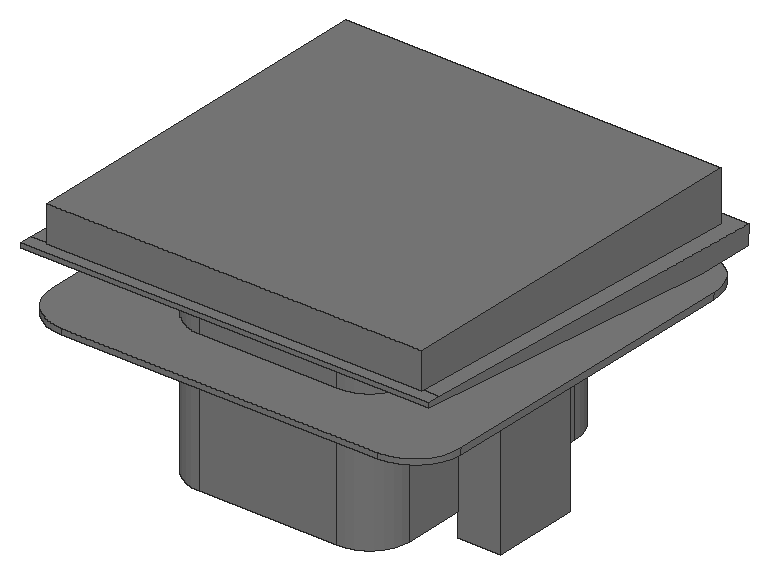
Revit family "Gira_260566", category Electrical Fixtures, host Face, Revit 2017
Family settings
  Host = Face
  Maintain Annotation Orientation = Yes
  Round Connector Dimension = Use Diameter
  Part Type = Normal
  Cut with Voids When Loaded = No
  Shared = No
  Room Calculation Point = No
Parameters (values of type "Gira Keyless In keypad Gira TX_44 (WP FM) p.white")
  URL = "http://katalog.gira.de/en/datenblatt.html?artikelnr=260566"
  Transparent = "No"
  Other bus systems = "Other"
  Name = "Gira Keyless In keypad Gira TX_44 (WP FM) p.white"
  Model = "Code lock"
  Manufacturer URL = "https://www.gira.de/"
  Manufacturer = "Gira"
  Keynote = ""
  HeinzeBIM = "https://bimportal.heinze.de/bim/gira-keyless-in-keypad-gira-tx-44-wp-fm-p-white/0273d9287c857a758faf853dea499fb5239ee759"
  HAN = "260566"
  GTIN = "4010337051428"
  Description = "Gira Keyless In keypad TX_44 PW,Gira Keyless In keypad,,pure white,Features:,- Installation in a device box.,- Stand-alone device or in combination with the Gira door communication system.,- For stand-alone operation, the integrated zero-voltage relay contacts are used for switching actions, e.g. for a door opener with its own power supply (e.g. common doorbell transformer).,- Start-up with direct configuration without a PC or programming software.,Inputs and outputs:,- Switching contact: Two relays with zero-voltage 2-way switch contacts, load capacity AC DC 24 V   1.6 A.,- Two connections for power supply.,- Keypad as an access control system with a capacitive and therefore wear-free button field.,- Frequently used number combinations cannot be recognised.,- Stand-alone device or in combination with the Gira door communication system as a door call system for buildings with several residential units.,- Special button C\": Deleting an incorrect entry.,- Special button \"Key\": Direct door opening when the correct code has been entered.,- Special button \"Bell\": Specific selection of home stations in large facilities.,- Special button \"F\": Switching functions with switching actuators of the Gira door communication system.,- Homogeneous blue LED illumination of the numbers and special characters at night.,- Master PIN number provided on included sealed safety card if Administrator PIN number is lost.,- The keypad can manage up to 255 codes.,- Up to 32-digit codes are possible.,- Audible feedback when button is pressed.,- Three-colour LED status display during programming and operation.,- Warning tone in case of unauthorised removal of the keypad top unit for tamper detection. Tampering circuit with switching actuator in the Gira door communication system.,- The two integrated 2--way switch relays can be assigned two different codes, e.g. Code 1: door opening, Code 2: switching outdoor light.,Inputs and outputs:,- Connection cable connector strip for the Gira door communication system.,,Notes :,- Keyless In devices can be connected to the Gira HomeServer using the DCS-IP gateway. This enables intelligent links. In this way, e.g. temporary or one-time access authorisation can be easily granted. All data including access authorisations can be managed centrally and flexibly using the Gira HomeServer.,- Integration possible in Profile 55.\""
  Default Elevation = 1219.2 mm
  Data sheet (1) = "https://katalog.gira.de/en/download.html?artikelnr=260566"
  Category = "Access control unit for bus system"
  Bus system radio frequent = "No"
  Bus system Powernet = "No"
  Bus system LON = "No"
  Bus system KNX radio = "Yes"
  Bus system KNX = "No"
  Bus connection included = "Yes"
  BIM (1) = "https://media.stage.bim.site/public/gira/36a6b08/TX44_Komplettgerät_Schalten und Tasten.rfa?public/gira/36a6b08/TX44_Komplettgerät_Schalten und Tasten.rfa"
  Available = "No"
Reference planes
  plane 1 "Center (Front/Back)": y = 0
  plane 2 "Reference Level 0": z = 0
  plane 3 "Center (Left/Right)": x = 0
  plane 4: z = -28.6
Forms (mm)
  Extrusion 1, solid, material "Default", detail levels fine
    sketch origin (0, 0, 0) x (1, 0, 0) y (0, 1, 0)
      loop
        line (-32.604, 32.5) -> (-32.604, -32.5) -> (32.735, -32.5) -> (32.735, 32.5) -> (-32.604, 32.5)
    from 0 to 12.3
  Extrusion 2, solid, material "Default", detail levels fine
    sketch origin (0, 0, 0) x (0, 1, 0) y (0, 0, 1)
      loop
        line (35, 3.483) -> (-32.2, 6) -> (-34.55, 6) -> (-34.536, 5.199) -> (24.886, 0) -> (34.939, 0) -> (35, 3.483)
    from -35.5 to 35.5
  Extrusion 3, void
    sketch origin (0, 0, 0) x (0, 1, 0) y (0, 0, 1)
      loop
        line (42.419, 3.205) -> (-32.2, 6) -> (-42.193, 6) -> (-42.193, -11.826) -> (42.419, -11.826) -> (42.419, 3.205)
    from -64.194 to 61.264
  Extrusion 4, solid, material "Default", detail levels fine
    sketch origin (0, 0, 0) x (1, 0, 0) y (0, 1, 0)
      loop
        arc (35.5, 27.5) -> (33.157, 33.157) -> (27.5, 35.5) r 8
        line (27.5, 35.5) -> (-27.5, 35.5)
        arc (-27.5, 35.5) -> (-33.157, 33.157) -> (-35.5, 27.5) r 8
        line (-35.5, 27.5) -> (-35.5, -27.5)
        arc (-35.5, -27.5) -> (-33.157, -33.157) -> (-27.5, -35.5) r 8
        line (-27.5, -35.5) -> (27.5, -35.5)
        arc (27.5, -35.5) -> (33.157, -33.157) -> (35.5, -27.5) r 8
        line (35.5, -27.5) -> (35.5, 27.5)
    from -4.1 to -5.1
  Extrusion 5, solid, material "Default", detail levels fine
    sketch origin (0, 0, 0) x (1, 0, 0) y (0, 1, 0)
      loop
        arc (-12, 25) -> (-16.95, 22.95) -> (-19, 18) r 7
        line (-19, 18) -> (-19, -18)
        arc (-19, -18) -> (-16.95, -22.95) -> (-12, -25) r 7
        line (-12, -25) -> (12, -25)
        arc (12, -25) -> (16.95, -22.95) -> (19, -18) r 7
        line (19, -18) -> (19, 18)
        arc (19, 18) -> (16.95, 22.95) -> (12, 25) r 7
        line (12, 25) -> (-12, 25)
    from 4.692 to -28.6
  Extrusion 6, solid, material "Default", detail levels fine
    sketch origin (0, 0, 0) x (1, 0, 0) y (0, 1, 0)
      loop
        line (-26.5, -7.5) -> (-19, -7.5) -> (-19, 7.5) -> (-26.5, 7.5) -> (-26.5, -7.5)
    from -5.1 to -32.6
  Extrusion 7, solid, material "Default", detail levels fine
    sketch origin (0, 0, 0) x (-1, 0, 0) y (0, -1, 0)
      loop
        line (-26.5, 7.5) -> (-26.5, -7.5) -> (-19, -7.5) -> (-19, 7.5) -> (-26.5, 7.5)
    from -5.1 to -32.6
  Extrusion 8, solid, material "Default", detail levels medium
    sketch origin (0, 0, 0) x (1, 0, 0) y (0, 1, 0)
      loop
        line (-32.604, 32.5) -> (-32.604, -32.5) -> (32.735, -32.5) -> (32.735, 32.5) -> (-32.604, 32.5)
    from 0 to 12.3
  Extrusion 9, solid, material "Default", detail levels medium
    sketch origin (0, 0, 0) x (0, 1, 0) y (0, 0, 1)
      loop
        line (35, 3.483) -> (-32.2, 6) -> (-34.55, 6) -> (-34.445, 0) -> (34.939, 0) -> (35, 3.483)
    from -35.5 to 35.5
  Extrusion 10, solid, material "Default", detail levels medium
    sketch origin (0, 0, 0) x (1, 0, 0) y (0, 1, 0)
      loop
        line (-26.5, 25) -> (-26.5, -25) -> (26.5, -25) -> (26.5, 25) -> (-26.5, 25)
    from 4.692 to -32.6
  Extrusion 11, solid, material "Default", detail levels medium
    sketch origin (0, 0, 0) x (1, 0, 0) y (0, 1, 0)
      loop
        line (35.5, 35.5) -> (-35.5, 35.5) -> (-35.5, -35.5) -> (35.5, -35.5) -> (35.5, 35.5)
    from -4.1 to -5.1
  Extrusion 12, solid, material "Default", detail levels coarse
    sketch origin (0, 0, 0) x (1, 0, 0) y (0, 1, 0)
      loop
        line (35.5, 35.5) -> (-35.5, 35.5) -> (-35.5, -35.5) -> (35.5, -35.5) -> (35.5, 35.5)
    from -32.6 to 12.3
Cuts and joins
  Extrusion 3 cuts Extrusion 1
  joined: Extrusion 1, Extrusion 2, Extrusion 4, Extrusion 5, Extrusion 6, Extrusion 7
Dimensions and locks
  Extrusion 12 to Extrusion 12 = 44.9 mm
  aligned and locked: plane 2 "Reference Level 0" to host face
  aligned and locked: level to host face
  aligned and locked: plane 3 "Center (Left/Right)" to nested 1
  aligned and locked: plane 1 "Center (Front/Back)" to nested 1
Nested families
  nested 1: "Schalter" at (0, 0, 0), type "Schalter"
Connectors
  electrical at (0, 0, -32.6)
    settings: on Extrusion 12, index 1, voltage 220 V, apparent load 0 VA, apparent load phase1 0 VA, apparent load phase2 0 VA, apparent load phase3 0 VA, power factor 1, load classification "Other", number of poles 1, system type 30, power factor state 1, is connector primary yes, connector utility no, sub classification motor no, connector description ""
Definition of nested family "Schalter"
  Reference planes
    plane 1: y = 0
    plane 2: x = 0
  Lines and regions (mm)
    detail lines
      curve 1: circle (1.375, 2.778, 0) r 0.8 normal (0, 0, 1)
      curve 2: line (1.021, 2.061, 0) -> (0, 0, 0)
      curve 3: line (0, 0, 0) -> (-0.538, 0.266, 0)
  Dimensions and locks
    curve 2 to curve 2 = 2.3 mm
    curve 3 to curve 2 = 0.6 mm
    radius of curve 1 = 0.8 mm
